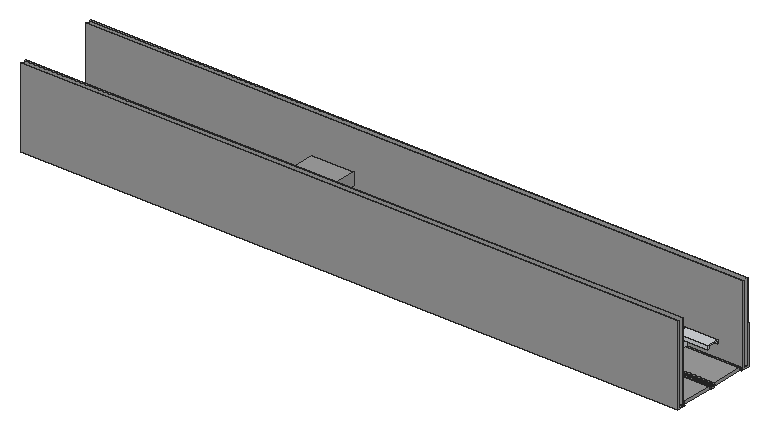
Revit family "Partition-6and1_Panels_High-Skyfold_Zenith_Premium-12-1_to_14-0_FC_3685_to_4265", category Generic Models, host Ceiling, Revit 2026 (continued)
Definition of nested family "2D Fold Panels"
  Automatic sketch dimensions
    curve 10 to curve 9 = 0' - 2 1/4"
    curve 9 to curve 19 = 0' - 0 7/8"
    curve 19 to curve 20 = 0' - 2 1/4"
    curve 18 to curve 25 = 0' - 0 1/8"
    curve 20 to curve 22 = 0' - 0 1/8"
    curve 25 to curve 26 = 0' - 2 1/4"
    curve 22 to curve 21 = 0' - 2 1/4"
    curve 26 to curve 27 = 0' - 0.87483"
    curve 21 to curve 23 = 0' - 0.87483"
    curve 23 to curve 24 = 0' - 2.25017"
    curve 27 to curve 28 = 0' - 2.25017"
  Nested families (in)
    nested 1: "2D Ext Panels" at (-15.49724, 0, 0), type "panels", in view "Ref. Level"
    nested 2: "2D Int Panels" at (12.06163, 0, 0), type "Panels", in view "Ref. Level"
    nested 3: "2D Ext Panels" at (10.37884, 0, 0) x (-1, 0, 0) z (0, 0, 1), type "panels", in view "Ref. Level"
    nested 4: "2D Int Panels" at (-17.18003, 0, 0) x (-1, 0, 0) z (0, 0, 1), type "Panels", in view "Ref. Level"
  Definition of nested family "2D Ext Panels"
    Parameters (values of type "panels")
      Assembly Code = ""
    Reference planes (in)
      plane 1 "Center (Front/Back)": y = 0
      plane 2: z = 0
      plane 3 "Center (Left/Right)": x = 0
    Lines and regions (in)
      model lines, in view "Ref. Level"
        curve 1: line (-3.15164, 2.25, 0) -> (-7.68509, 2.25, 0)
        curve 2: line (-8.31196, 0.25001, 0) -> (-8.31196, 0, 0)
        curve 3: line (-8.31196, 0, 0) -> (-3.15164, 0, 0)
        curve 4: line (-3.15164, 8.88321, 0) -> (-7.685, 8.88321, 0)
        curve 5: line (-8.68696, 11.13321, 0) -> (-3.15164, 11.13321, 0)
        curve 6: line (-3.15164, 6.50821, 0) -> (-8.31188, 6.50821, 0)
        curve 7: line (-7.685, 8.75821, 0) -> (-3.15164, 8.75821, 0)
        curve 8: line (-3.15164, 3.38321, 0) -> (-7.68509, 3.38321, 0)
        curve 9: line (-8.68696, 5.63321, 0) -> (-3.15164, 5.63321, 0)
      detail lines, in view "Ref. Level"
        curve 10: line (-8.31196, 0.25001, 0) -> (-8.7182, 0.25001, 0)
        curve 11: line (-8.7182, 0.25001, 0) -> (-8.7182, 0.28401, 0)
        curve 12: line (-8.7182, 0.28401, 0) -> (-7.81398, 0.28401, 0)
        curve 13: line (-7.81398, 0.28401, 0) -> (-7.81398, 0.75, 0)
        curve 14: line (-8.34196, 0.75, 0) -> (-8.34196, 1.59312, 0)
        curve 15: line (-8.34196, 1.59312, 0) -> (-7.68509, 2.25, 0)
        curve 16: line (-8.34196, 0.75, 0) -> (-7.81398, 0.75, 0)
        curve 17: line (-8.68696, 5.62447, 0) -> (-8.68696, 5.25822, 0)
        curve 18: line (-8.68696, 5.25822, 0) -> (-9.0932, 5.25822, 0)
        curve 19: line (-9.0932, 5.23322, 0) -> (-8.29775, 5.23322, 0)
        curve 20: line (-8.29775, 5.23322, 0) -> (-8.29775, 4.88321, 0)
        curve 21: line (-9.0932, 5.25822, 0) -> (-9.0932, 5.23322, 0)
        curve 22: line (-7.68072, 3.37884, 0) -> (-8.34196, 4.04008, 0)
        curve 23: line (-8.34196, 4.04008, 0) -> (-8.34196, 4.88321, 0)
        curve 24: line (-8.29775, 5.23322, 0) -> (-8.29775, 4.88321, 0)
        curve 25: line (-9.0932, 5.23322, 0) -> (-8.29775, 5.23322, 0)
        curve 26: line (-8.29775, 4.88321, 0) -> (-8.34196, 4.88321, 0)
        curve 27: line (-8.31188, 6.75822, 0) -> (-8.31188, 6.50821, 0)
        curve 28: line (-8.71812, 6.75822, 0) -> (-8.31188, 6.75822, 0)
        curve 29: line (-7.81389, 6.79222, 0) -> (-8.71812, 6.79222, 0)
        curve 30: line (-7.81389, 7.25821, 0) -> (-7.81389, 6.79222, 0)
        curve 31: line (-8.34188, 7.25821, 0) -> (-8.34188, 8.10133, 0)
        curve 32: line (-8.34188, 8.10133, 0) -> (-7.68937, 8.75384, 0)
        curve 33: line (-8.71812, 6.79222, 0) -> (-8.71812, 6.75822, 0)
        curve 34: line (-7.81389, 7.25821, 0) -> (-8.34188, 7.25821, 0)
        curve 35: line (-7.68509, 8.88321, 0) -> (-8.34196, 9.54008, 0)
        curve 36: line (-8.34196, 9.54008, 0) -> (-8.34196, 10.38321, 0)
        curve 37: line (-8.29775, 10.73322, 0) -> (-8.29775, 10.38321, 0)
        curve 38: line (-8.68696, 11.12447, 0) -> (-8.68696, 10.75822, 0)
        curve 39: line (-8.68696, 10.75822, 0) -> (-9.0932, 10.75822, 0)
        curve 40: line (-9.0932, 10.73322, 0) -> (-8.29775, 10.73322, 0)
        curve 41: line (-8.29775, 10.38321, 0) -> (-8.34196, 10.38321, 0)
        curve 42: line (-9.0932, 10.75822, 0) -> (-9.0932, 10.72661, 0)
        curve 43: line (-9.56166, 17.50803, 0) -> (-3.15164, 17.50803, 0)
        curve 44: line (-9.49933, 19.75821, 0) -> (-3.15164, 19.75821, 0)
        curve 45: line (-10.49, 17.79021, 0) -> (-10.49, 17.75821, 0)
        curve 46: line (-9.4595, 18.25819, 0) -> (-9.49933, 18.25819, 0)
        curve 47: line (-9.56166, 17.75821, 0) -> (-9.56166, 17.50803, 0)
        curve 48: line (-9.4595, 18.25819, 0) -> (-9.4595, 17.79021, 0)
        curve 49: line (-9.49933, 18.25819, 0) -> (-9.49933, 19.75821, 0)
        curve 50: line (-10.49, 17.75821, 0) -> (-9.56166, 17.75821, 0)
        curve 51: line (-9.4595, 17.79021, 0) -> (-10.49, 17.79021, 0)
        curve 52: line (-3.15164, 14.38321, 0) -> (-7.68509, 14.38321, 0)
        curve 53: line (-8.68696, 16.63321, 0) -> (-3.15164, 16.63321, 0)
        curve 54: line (-3.15164, 12.00821, 0) -> (-8.31188, 12.00821, 0)
        curve 55: line (-7.685, 14.25821, 0) -> (-3.15164, 14.25821, 0)
        curve 56: line (-8.31188, 12.25822, 0) -> (-8.31188, 12.00821, 0)
        curve 57: line (-8.71812, 12.25822, 0) -> (-8.31188, 12.25822, 0)
        curve 58: line (-7.81389, 12.29222, 0) -> (-8.71812, 12.29222, 0)
        curve 59: line (-7.81389, 12.75821, 0) -> (-7.81389, 12.29222, 0)
        curve 60: line (-8.34188, 12.75821, 0) -> (-8.34188, 13.60133, 0)
        curve 61: line (-8.34188, 13.60133, 0) -> (-7.68937, 14.25384, 0)
        curve 62: line (-8.71812, 12.29222, 0) -> (-8.71812, 12.25822, 0)
        curve 63: line (-7.81389, 12.75821, 0) -> (-8.34188, 12.75821, 0)
        curve 64: line (-7.68509, 14.38321, 0) -> (-8.34196, 15.04008, 0)
        curve 65: line (-8.34196, 15.04008, 0) -> (-8.34196, 15.88321, 0)
        curve 66: line (-8.29775, 16.23322, 0) -> (-8.29775, 15.88321, 0)
        curve 67: line (-8.68696, 16.62447, 0) -> (-8.68696, 16.25822, 0)
        curve 68: line (-8.68696, 16.25822, 0) -> (-9.0932, 16.25822, 0)
        curve 69: line (-9.0932, 16.23322, 0) -> (-8.29775, 16.23322, 0)
        curve 70: line (-8.29775, 15.88321, 0) -> (-8.34196, 15.88321, 0)
        curve 71: line (-9.0932, 16.25822, 0) -> (-9.0932, 16.22661, 0)
  Definition of nested family "2D Int Panels"
    Parameters (values of type "Panels")
      Assembly Code = ""
    Reference planes (in)
      plane 1 "Center (Front/Back)": y = 0
      plane 2: z = 0
      plane 3 "Center (Left/Right)": x = -12.78401
      plane 4: y = 6.48506
    Lines and regions (in)
      model lines, in view "Ref. Level"
        curve 1: arc (-16.31127, 0.06825, 0) -> (-16.00868, 0.15463, 0) -> (-15.87083, 0.4375, 0) r 0.38616
        curve 2: arc (-15.87083, 0.4375, 0) -> (-15.99302, 0.72219, 0) -> (-16.29015, 0.80987, 0) r 0.36427
        curve 3: line (-26.32421, 0, 0) -> (-17.87083, 0, 0)
        curve 4: line (-17.87083, 0, 0) -> (-17.87083, 0.28314, 0)
        curve 5: line (-17.87083, 0.28314, 0) -> (-16.31127, 0.06825, 0)
        curve 6: line (-16.29015, 0.80987, 0) -> (-17.26708, 0.66529, 0)
        curve 7: line (-17.26708, 0.66529, 0) -> (-17.87083, 0.62287, 0)
        curve 8: line (-17.87083, 0.62287, 0) -> (-17.87083, 0.75, 0)
        curve 9: line (-17.87083, 0.75, 0) -> (-17.55829, 0.75, 0)
        curve 10: line (-17.55829, 0.75, 0) -> (-17.55829, 2.25, 0)
        curve 11: line (-17.55829, 2.25, 0) -> (-26.32421, 2.25, 0)
        curve 12: line (-26.32421, 5.63321, 0) -> (-18.24583, 5.63321, 0)
        curve 13: line (-18.24583, 5.63321, 0) -> (-18.24583, 5.38321, 0)
        curve 14: line (-18.24583, 5.38321, 0) -> (-18.27783, 5.38321, 0)
        curve 15: line (-18.6207, 4.87447, 0) -> (-18.6207, 3.38321, 0)
        curve 16: line (-18.6207, 3.38321, 0) -> (-26.32421, 3.38321, 0)
        curve 17: line (-26.32421, 8.75821, 0) -> (-17.5582, 8.75821, 0)
        curve 18: line (-17.5582, 8.75821, 0) -> (-17.5582, 7.25821, 0)
        curve 19: line (-17.87053, 6.50821, 0) -> (-26.32421, 6.50821, 0)
        curve 20: line (-26.32421, 11.13321, 0) -> (-18.26146, 11.13321, 0)
        curve 21: line (-18.77774, 11.07456, 0) -> (-18.77774, 10.38321, 0)
        curve 22: line (-18.77774, 10.38321, 0) -> (-18.6207, 10.38321, 0)
        curve 23: line (-18.6207, 10.38321, 0) -> (-18.6207, 8.88321, 0)
        curve 24: line (-18.6207, 8.88321, 0) -> (-26.32421, 8.88321, 0)
      detail lines, in view "Ref. Level"
        curve 25: line (-18.27783, 5.58329, 0) -> (-18.27783, 5.38321, 0)
        curve 26: line (-18.77774, 5.58329, 0) -> (-18.27783, 5.58329, 0)
        curve 27: line (-18.77774, 4.88321, 0) -> (-18.77774, 5.58329, 0)
        curve 28: line (-18.77774, 4.88321, 0) -> (-18.6207, 4.88321, 0)
        curve 29: line (-17.87083, 0.25009, 0) -> (-17.87083, 0, 0)
        curve 30: line (-17.90283, 0.25009, 0) -> (-17.87083, 0.25009, 0)
        curve 31: line (-17.90283, 0.05, 0) -> (-17.90283, 0.25009, 0)
        curve 32: line (-18.40283, 0.05, 0) -> (-17.90283, 0.05, 0)
        curve 33: line (-18.40283, 0.75, 0) -> (-18.40283, 0.05, 0)
        curve 34: line (-18.40283, 0.75, 0) -> (-17.55829, 0.75, 0)
        curve 35: line (-17.87053, 6.50821, 0) -> (-17.87053, 6.75823, 0)
        curve 36: line (-17.87053, 6.75823, 0) -> (-17.07053, 6.75823, 0)
        curve 37: line (-17.07053, 6.75823, 0) -> (-17.07053, 6.79023, 0)
        curve 38: line (-17.07053, 6.79023, 0) -> (-18.10103, 6.79023, 0)
        curve 39: line (-18.10103, 6.79023, 0) -> (-18.10103, 7.25821, 0)
        curve 40: line (-18.10103, 7.25821, 0) -> (-17.5582, 7.25821, 0)
        curve 41: line (-18.24583, 10.88321, 0) -> (-18.24583, 11.10885, 0)
        curve 42: line (-18.27783, 10.88321, 0) -> (-18.24583, 10.88321, 0)
        curve 43: line (-18.27783, 11.05893, 0) -> (-18.27783, 10.88321, 0)
        curve 44: line (-18.77774, 11.08329, 0) -> (-18.29346, 11.08329, 0)
        curve 45: line (-20.65244, 18.25821, 0) -> (-17.4332, 18.25821, 0)
        curve 46: line (-20.65244, 18.25821, 0) -> (-17.4332, 18.25821, 0)
        curve 47: line (-20.15244, 17.75821, 0) -> (-20.12044, 17.75821, 0)
        curve 48: line (-20.12044, 17.50803, 0) -> (-20.12044, 17.75821, 0)
        curve 49: line (-20.15244, 17.75821, 0) -> (-20.15244, 17.55812, 0)
        curve 50: line (-20.65244, 17.55812, 0) -> (-20.65244, 18.25821, 0)
        curve 51: line (-17.4332, 19.19571, 0) -> (-17.4332, 18.25821, 0)
        curve 52: line (-18.23273, 19.19571, 0) -> (-17.4332, 19.19571, 0)
        curve 53: line (-18.86038, 19.75821, 0) -> (-18.23273, 19.19571, 0)
        curve 54: line (-26.32421, 17.50803, 0) -> (-20.12044, 17.50803, 0)
        curve 55: line (-26.32421, 19.75821, 0) -> (-18.86038, 19.75821, 0)
        curve 56: line (-26.32421, 14.25821, 0) -> (-17.5582, 14.25821, 0)
        curve 57: line (-17.5582, 14.25821, 0) -> (-17.5582, 12.75821, 0)
        curve 58: line (-17.87053, 12.00821, 0) -> (-26.32421, 12.00821, 0)
        curve 59: line (-26.32421, 16.63321, 0) -> (-18.26146, 16.63321, 0)
        curve 60: line (-18.77774, 16.57456, 0) -> (-18.77774, 15.88321, 0)
        curve 61: line (-18.77774, 15.88321, 0) -> (-18.6207, 15.88321, 0)
        curve 62: line (-18.6207, 15.88321, 0) -> (-18.6207, 14.38321, 0)
        curve 63: line (-18.6207, 14.38321, 0) -> (-26.32421, 14.38321, 0)
        curve 64: line (-17.87053, 12.00821, 0) -> (-17.87053, 12.25823, 0)
        curve 65: line (-17.87053, 12.25823, 0) -> (-17.07053, 12.25823, 0)
        curve 66: line (-17.07053, 12.25823, 0) -> (-17.07053, 12.29023, 0)
        curve 67: line (-17.07053, 12.29023, 0) -> (-18.10103, 12.29023, 0)
        curve 68: line (-18.10103, 12.29023, 0) -> (-18.10103, 12.75821, 0)
        curve 69: line (-18.10103, 12.75821, 0) -> (-17.5582, 12.75821, 0)
        curve 70: line (-18.24583, 16.38321, 0) -> (-18.24583, 16.60885, 0)
        curve 71: line (-18.27783, 16.38321, 0) -> (-18.24583, 16.38321, 0)
        curve 72: line (-18.27783, 16.55893, 0) -> (-18.27783, 16.38321, 0)
        curve 73: line (-18.77774, 16.58329, 0) -> (-18.29346, 16.58329, 0)
Definition of nested family "2D Unfold Panels"
  Parameters (values of type "Unfold panels")
    Wall thickness = 0' - 11 3/4"
    Total Panel Height = (Panel height * 6) + 0' 2 1/2"  # 11' - 5 11/16"
    Panel height = 1' - 10 17/32"
    Horizontal Panel Length = Panel height - 0' 1"  # 1' - 9 17/32"
    Height Distance Between  Panels = Panel height + 0' 0 1/2"  # 1' - 11 1/32"
    Assembly Code = ""
  Reference planes (in)
    plane 1: z = 0
    plane 2 "Center (Left/Right)": x = 0.69511
    plane 3: y = 69.8125
    plane 4: y = 46.78125
    plane 5: y = 23.75
    plane 6: y = -44.84375
    plane 7: y = 92.84375
    plane 8: x = -5.17989
    plane 9: x = 6.57011
    plane 10: y = 93.71875
    plane 11: x = 6.29128
    plane 12: x = -4.90072
    plane 13: x = 27.82253
    plane 14: x = -26.43197
    plane 15: y = 0.71875
    plane 16: y = -22.3125
  Lines and regions (in)
    detail lines, in view "Ref. Level"
      curve 1: line (-5.17989, 90.19109, 0) -> (-5.17989, 73.62694, 0)
      curve 2: line (-2.92978, 90.19109, 0) -> (-2.92978, 73.62694, 0)
      curve 3: line (-5.17989, 66.77739, 0) -> (-5.17989, 49.09569, 0)
      curve 4: line (-2.92978, 66.81169, 0) -> (-2.92978, 49.09569, 0)
      curve 5: line (4.31999, 49.09569, 0) -> (4.31999, 66.77739, 0)
      curve 6: line (6.57011, 66.77739, 0) -> (6.57011, 49.09569, 0)
      curve 7: line (-2.92978, 44.00911, 0) -> (-2.92978, 25.95598, 0)
      curve 8: line (-5.17989, 25.95598, 0) -> (-5.17989, 44.00911, 0)
      curve 9: line (-5.17989, -25.34761, 0) -> (-5.17989, -42.52931, 0)
      curve 10: line (-2.92978, -25.34761, 0) -> (-2.92978, -42.52931, 0)
      curve 11: line (6.57011, 90.19109, 0) -> (6.57011, 73.62694, 0)
      curve 12: line (4.31999, 90.19109, 0) -> (4.31999, 73.62694, 0)
      curve 13: line (6.57011, -25.34761, 0) -> (6.57011, -42.52931, 0)
      curve 14: line (4.31999, -25.34761, 0) -> (4.31999, -42.52931, 0)
      curve 15: line (4.31999, 44.00911, 0) -> (4.31999, 25.95598, 0)
      curve 16: line (6.57011, 25.95598, 0) -> (6.57011, 44.00911, 0)
      curve 17: line (9.63119, 93.71875, 0) -> (25.52019, 93.71875, 0)
      curve 18: line (9.63119, 95.96886, 0) -> (25.72494, 95.96886, 0)
      curve 19: line (-8.24097, 93.71875, 0) -> (-23.87374, 93.71875, 0)
      curve 20: line (-8.24097, 95.96886, 0) -> (-24.07849, 95.96886, 0)
      curve 21: line (-5.17989, 20.71489, 0) -> (-5.17989, 3.03319, 0)
      curve 22: line (-2.92978, 20.74919, 0) -> (-2.92978, 3.03319, 0)
      curve 23: line (4.31999, 3.03319, 0) -> (4.31999, 20.71489, 0)
      curve 24: line (6.57011, 20.71489, 0) -> (6.57011, 3.03319, 0)
      curve 25: line (-2.92978, -2.05339, 0) -> (-2.92978, -20.10652, 0)
      curve 26: line (-5.17989, -20.10652, 0) -> (-5.17989, -2.05339, 0)
      curve 27: line (4.31999, -2.05339, 0) -> (4.31999, -20.10652, 0)
      curve 28: line (6.57011, -20.10652, 0) -> (6.57011, -2.05339, 0)
  Dimensions and locks (in)
    "Wall thickness": plane 8 to plane 9
    equal spacing: plane 8, plane 2 "Center (Left/Right)", plane 9
    "Height Distance Between  Panels": plane 7 to plane 3
    "Height Distance Between  Panels": plane 4 to plane 3
    "Height Distance Between  Panels": plane 5 to plane 4
    plane 11 to plane 9 = 0' - 0.27882"
    plane 8 to plane 12 = 0' - 0.27918"
    "Horizontal Panel Length": plane 14 to plane 12
    "Horizontal Panel Length": plane 11 to plane 13
    "Height Distance Between  Panels": plane 15 to plane 5
    "Height Distance Between  Panels": plane 16 to plane 15
    "Panel height": plane 6 to plane 16
    "Total Panel Height": plane 7 to plane 6
    aligned and locked: plane 2 "Center (Left/Right)" to nested 1
    aligned and locked: plane 2 "Center (Left/Right)" to nested 2
    aligned and locked: plane 2 "Center (Left/Right)" to nested 3
    aligned and locked: plane 2 "Center (Left/Right)" to nested 4
    aligned: plane 4 to nested 3
    aligned: plane 5 to nested 2
    aligned: plane 6 to nested 5
    aligned: nested 2 to plane 5
    aligned: nested 3 to plane 4
    aligned and locked: nested 3 to plane 3
    aligned and locked: nested 5 to curve 10
    aligned and locked: nested 5 to curve 9
    aligned and locked: curve 8 to nested 2
    aligned and locked: curve 7 to nested 2
    aligned and locked: nested 3 to curve 4
    aligned and locked: curve 5 to curve 3
    aligned and locked: curve 1 to plane 8
    aligned and locked: plane 2 "Center (Left/Right)" to nested 5
    aligned and locked: curve 3 to plane 8
    aligned and locked: curve 4 to nested 3
    aligned and locked: curve 6 to plane 9
    aligned and locked: plane 7 to nested 4
    aligned and locked: plane 6 to nested 1
    aligned and locked: nested 2 to plane 4
    aligned and locked: plane 11 to nested 6
    aligned and locked: plane 10 to nested 6
    aligned and locked: nested 7 to plane 10
    aligned and locked: plane 13 to nested 7
    aligned and locked: curve 17 to nested 7
    aligned and locked: curve 18 to nested 7
    aligned and locked: plane 12 to nested 8
    aligned and locked: plane 14 to nested 9
    aligned and locked: plane 10 to nested 8
    aligned and locked: nested 8 to curve 19
    aligned and locked: curve 20 to nested 9
    aligned and locked: curve 26 to nested 10
    aligned and locked: curve 25 to nested 10
    aligned and locked: nested 11 to curve 22
    aligned and locked: curve 23 to curve 21
    aligned and locked: curve 22 to nested 11
    aligned and locked: nested 5 to plane 16
    aligned and locked: plane 15 to nested 10
    aligned and locked: plane 5 to nested 11
  Automatic sketch dimensions
    curve 21 to plane 8 = 0' - 0"
    curve 13 to plane 9 = 0' - 0"
    curve 28 to plane 9 = 0' - 0"
    curve 6 to plane 9 = 0' - 0"
    curve 16 to plane 9 = 0' - 0"
    curve 24 to plane 9 = 0' - 0"
    curve 11 to plane 9 = 0' - 0"
    curve 19 to plane 8 = 0' - 3.06108"
    curve 20 to curve 19 = 0' - 0"
    plane 14 to curve 19 = 0' - 2.55823"
    curve 20 to curve 19 = 0' - 0.20475"
    plane 12 to curve 2 = 0' - 1.97094"
    curve 15 to plane 11 = 0' - 1.97129"
    curve 23 to plane 11 = 0' - 1.97129"
    curve 14 to plane 11 = 0' - 1.97129"
    curve 12 to plane 11 = 0' - 1.97129"
    curve 5 to plane 11 = 0' - 1.97129"
    curve 27 to plane 11 = 0' - 1.97129"
    plane 9 to curve 18 = 0' - 3.06108"
    curve 17 to curve 18 = 0' - 0"
    curve 17 to plane 13 = 0' - 2.30235"
    curve 18 to plane 13 = 0' - 2.0976"
    curve 21 to curve 22 = 0' - 0.0343"
    curve 23 to curve 24 = 0' - 0"  (x2)
    curve 23 to plane 15 = 0' - 2.31444"
    curve 22 to plane 15 = 0' - 2.31444"
    curve 21 to curve 22 = 0' - 0"
    plane 15 to curve 25 = 0' - 2.77214"
    plane 15 to curve 28 = 0' - 2.77214"
    curve 26 to curve 25 = 0' - 0"
    curve 27 to curve 28 = 0' - 0"
    curve 25 to plane 16 = 0' - 2.20598"
    curve 27 to plane 16 = 0' - 2.20598"
    curve 28 to plane 16 = 0' - 2.20598"
    curve 26 to plane 16 = 0' - 2.20598"
    plane 16 to curve 9 = 0' - 3.03511"
    plane 16 to curve 14 = 0' - 3.03511"
    curve 9 to curve 10 = 0' - 0"  (x2)
    curve 14 to curve 13 = 0' - 0"  (x2)
    curve 14 to plane 6 = 0' - 2.31444"
    curve 10 to plane 6 = 0' - 2.31444"
    curve 16 to plane 5 = 0' - 2.20598"
    curve 7 to plane 5 = 0' - 2.20598"
    curve 15 to plane 5 = 0' - 2.20598"
    curve 8 to plane 5 = 0' - 2.20598"
    plane 4 to curve 7 = 0' - 2.77214"
    curve 8 to curve 7 = 0' - 0"
    plane 4 to curve 15 = 0' - 2.77214"
    curve 15 to curve 16 = 0' - 0"
    curve 6 to plane 4 = 0' - 2.31444"
    curve 5 to curve 6 = 0' - 0"  (x2)
    curve 4 to plane 4 = 0' - 2.31444"
    curve 3 to curve 4 = 0' - 0"
    plane 3 to curve 6 = 0' - 3.03511"
    curve 1 to plane 3 = 0' - 3.81444"
    curve 1 to curve 2 = 0' - 0"  (x2)
    curve 11 to plane 3 = 0' - 3.81444"
    curve 12 to curve 11 = 0' - 0"  (x2)
    curve 12 to plane 7 = 0' - 2.65266"
    curve 2 to plane 7 = 0' - 2.65266"
  Nested families (in)
    nested 1: "vert fin bas" at (0.87658, -40.56893, 0), type "vert fin bas", in view "Ref. Level"
    nested 2: "vert levres" at (0.81369, 43.5916, 0), type "vert levres", in view "Ref. Level"
      with Wall thickness 0' - 11 3/4"
    nested 3: "vert biseau" at (-2.10712, 66.81169, 0), type "vert biseau", in view "Ref. Level"
    nested 4: "vert fin haut" at (1.9037, 88.56893, 0), type "vert fin haut", in view "Ref. Level"
    nested 5: "vert biseau" at (-2.10712, -25.31331, 0), type "vert biseau", in view "Ref. Level"
    nested 6: "Horizontal panel Start" at (6.47276, 93.71875, 0), type "Horizontal panel Start", in view "Ref. Level"
    nested 7: "Horizontal panel End" at (28.00401, 93.71875, 0), type "Horizontal panel End", in view "Ref. Level"
    nested 8: "Horizontal panel Start" at (-5.08219, 93.71875, 0) x (-1, 0, 0) z (0, 0, 1), type "Horizontal panel Start", in view "Ref. Level"
    nested 9: "Horizontal panel End" at (-26.61344, 93.71875, 0) x (-1, 0, 0) z (0, 0, 1), type "Horizontal panel End", in view "Ref. Level"
    nested 10: "vert levres" at (0.81369, -2.4709, 0), type "vert levres", in view "Ref. Level"
      with Wall thickness 0' - 11 3/4"
    nested 11: "vert biseau" at (-2.10712, 20.74919, 0), type "vert biseau", in view "Ref. Level"
  Definition of nested family "vert fin bas"
    Parameters
      Wall thickness = 0' - 11 3/4"
      Assembly Code = ""
    Reference planes (in)
      plane 1 "Center (Front/Back)": y = 0
      plane 2: z = 0
      plane 3 "Center (Left/Right)": x = -0.18147
      plane 4: x = -6.05647
      plane 5: x = 5.69353
    Lines and regions (in)
      model lines, in view "Ref. Level"
        curve 1: arc (-6.04661, -5.84526, 0) -> (-5.61693, -6.27494, 0) -> (-5.18725, -5.84526, 0) r 0.42968
        curve 2: line (-6.05647, 0.00284, 0) -> (-6.05647, -4.27482, 0)
        curve 3: line (-6.05647, -4.27482, 0) -> (-5.80646, -4.27482, 0)
        curve 4: line (-5.80646, -4.27482, 0) -> (-6.04661, -5.84526, 0)
        curve 5: line (-5.18725, -5.84526, 0) -> (-5.4363, -4.24357, 0)
        curve 6: line (-5.4363, -4.24357, 0) -> (-4.82716, -4.24357, 0)
        curve 7: line (-4.82716, -4.24357, 0) -> (-3.80636, -3.22277, 0)
        curve 8: line (-3.80636, -3.22277, 0) -> (-3.80636, 0.00284, 0)
        curve 9: arc (0.31854, -6.01609, 0) -> (0.67056, -5.87118, 0) -> (0.81855, -5.52045, 0) r 0.50003
        curve 10: arc (0.81855, -5.52045, 0) -> (0.80449, -5.43168, 0) -> (0.75606, -5.35598, 0) r 0.21963
        curve 11: arc (-1.11903, -5.35598, 0) -> (-1.16746, -5.43168, 0) -> (-1.18152, -5.52045, 0) r 0.21963
        curve 12: arc (-1.18152, -5.52045, 0) -> (-1.03353, -5.87118, 0) -> (-0.68151, -6.01609, 0) r 0.50003
        curve 13: arc (-0.4315, -4.98096, 0) -> (-0.3431, -4.94435, 0) -> (-0.30649, -4.85595, 0) r 0.12501
        curve 14: arc (-0.05648, -4.85595, 0) -> (-0.01987, -4.94435, 0) -> (0.06853, -4.98096, 0) r 0.12501
        curve 15: arc (-1.18153, -4.85595, 0) -> (-1.26993, -4.89257, 0) -> (-1.30654, -4.98096, 0) r 0.12501
        curve 16: arc (-1.30654, -5.51606, 0) -> (-1.12347, -5.95803, 0) -> (-0.68151, -6.14109, 0) r 0.62503
        curve 17: arc (0.31854, -6.14109, 0) -> (0.7605, -5.95803, 0) -> (0.94357, -5.51606, 0) r 0.62503
        curve 18: arc (0.94357, -4.98096, 0) -> (0.90696, -4.89257, 0) -> (0.81857, -4.85595, 0) r 0.12501
        curve 19: line (-0.68151, -6.01609, 0) -> (0.31854, -6.01609, 0)
        curve 20: line (0.75606, -5.35598, 0) -> (-1.11903, -5.35598, 0)
        curve 21: line (0.06853, -4.98096, 0) -> (0.81857, -4.98096, 0)
        curve 22: line (0.81857, -4.98096, 0) -> (0.81857, -5.23097, 0)
        curve 23: line (0.81857, -5.23097, 0) -> (-1.18153, -5.23097, 0)
        curve 24: line (-1.18153, -5.23097, 0) -> (-1.18153, -4.98096, 0)
        curve 25: line (-1.18153, -4.98096, 0) -> (-0.4315, -4.98096, 0)
        curve 26: line (-0.30649, -4.85595, 0) -> (-0.30649, -3.23087, 0)
        curve 27: line (-0.30649, -3.23087, 0) -> (-0.05648, -3.23087, 0)
        curve 28: line (-0.05648, -3.23087, 0) -> (-0.05648, -4.85595, 0)
        curve 29: line (-0.93152, -4.98096, 0) -> (-0.93152, -4.85595, 0)
        curve 30: line (-0.93152, -4.85595, 0) -> (-1.18153, -4.85595, 0)
        curve 31: line (-1.30654, -4.98096, 0) -> (-1.30654, -5.51606, 0)
        curve 32: line (-0.68151, -6.14109, 0) -> (0.31854, -6.14109, 0)
        curve 33: line (0.94357, -5.51606, 0) -> (0.94357, -4.98096, 0)
        curve 34: line (0.81857, -4.85595, 0) -> (0.56855, -4.85595, 0)
        curve 35: line (0.56855, -4.85595, 0) -> (0.56855, -4.98096, 0)
      detail lines, in view "Ref. Level"
        curve 36: arc (5.68367, -5.84526, 0) -> (5.25399, -6.27494, 0) -> (4.8243, -5.84526, 0) r 0.42968
        curve 37: line (5.69353, 0.00284, 0) -> (5.69353, -4.27482, 0)
        curve 38: line (5.69353, -4.27482, 0) -> (5.44351, -4.27482, 0)
        curve 39: line (5.44351, -4.27482, 0) -> (5.68367, -5.84526, 0)
        curve 40: line (4.8243, -5.84526, 0) -> (5.07336, -4.24357, 0)
        curve 41: line (5.07336, -4.24357, 0) -> (4.46422, -4.24357, 0)
        curve 42: line (4.46422, -4.24357, 0) -> (3.44341, -3.22277, 0)
        curve 43: line (3.44341, -3.22277, 0) -> (3.44341, 0.00284, 0)
    Dimensions and locks (in)
      equal spacing: plane 4, plane 3 "Center (Left/Right)", plane 5
      "Wall thickness": plane 4 to plane 5
    Automatic sketch dimensions
      curve 9 to curve 17 = 0' - 0"  (x2)
      curve 12 to curve 16 = 0' - 0"  (x2)
      curve 2 to plane 4 = 0' - 0"
      curve 37 to plane 5 = 0' - 0"
      plane 4 to curve 4 = 0' - 0.00986"
      curve 2 to curve 4 = 0' - 0 1/4"
      curve 1 to curve 1 = 0' - 0 55/128"
      curve 3 to curve 5 = 0' - 0.37016"
      curve 5 to curve 6 = 0' - 0.60914"
      curve 6 to curve 8 = 0' - 1.0208"
      curve 31 to plane 3 "Center (Left/Right)" = 0' - 1.12507"
      curve 15 to curve 24 = 0' - 0 1/8"
      curve 15 to curve 24 = 0' - 0"  (x2)
      curve 31 to curve 11 = 0' - 0.12503"
      curve 23 to curve 20 = 0' - 0 1/16"
      curve 20 to curve 11 = 0' - 0.15689"
      curve 24 to curve 29 = 0' - 0 1/4"
      curve 12 to plane 3 "Center (Left/Right)" = 0' - 0.50004"
      curve 13 to plane 3 "Center (Left/Right)" = 0' - 0.25002"
      curve 26 to plane 3 "Center (Left/Right)" = 0' - 0 1/8"
      plane 3 "Center (Left/Right)" to curve 28 = 0' - 0 1/8"
      curve 14 to curve 21 = 0' - 0 1/8"
      plane 3 "Center (Left/Right)" to curve 32 = 0' - 0 1/2"
      curve 14 to curve 34 = 0' - 0.50002"
      curve 9 to curve 10 = 0' - 0.28063"
      curve 10 to curve 20 = 0' - 0.15689"
      curve 20 to curve 10 = 0' - 0 1/16"
      curve 35 to curve 21 = 0' - 0 1/4"
      curve 18 to curve 21 = 0' - 0"
      curve 9 to curve 17 = 0' - 0.12503"
      curve 43 to plane 5 = 0' - 2.25011"
      curve 42 to plane 5 = 0' - 1.22931"
      curve 40 to plane 5 = 0' - 0.86922"
      curve 41 to curve 40 = 0' - 0.60914"
      curve 36 to curve 36 = 0' - 0 55/128"
      curve 38 to plane 5 = 0' - 0 1/4"
      plane 1 "Center (Front/Back)" to curve 32 = 0' - 6.14109"
      curve 16 to curve 19 = 0' - 0 1/8"
      curve 36 to curve 33 = 0' - 0.3292"
      curve 5 to curve 16 = 0' - 0.3292"
      curve 11 to curve 11 = 0' - 0.01076"
      curve 10 to curve 23 = 0' - 0 1/8"
      curve 22 to curve 33 = 0' - 0 1/4"
      curve 12 to curve 25 = 0' - 0.5351"
      curve 14 to curve 13 = 0' - 0 1/8"
      curve 1 to curve 3 = 0' - 1.57044"
      curve 36 to curve 39 = 0' - 1.57044"
      curve 38 to curve 42 = 0' - 0 1/32"
      curve 3 to curve 7 = 0' - 0 1/32"
      curve 13 to curve 26 = 0' - 1.62508"
      curve 41 to curve 42 = 0' - 1.0208"
      curve 6 to curve 7 = 0' - 1.0208"
      curve 8 to plane 1 "Center (Front/Back)" = 0' - 0.00284"
      curve 37 to plane 1 "Center (Front/Back)" = 0' - 0.00284"
      curve 2 to plane 1 "Center (Front/Back)" = 0' - 0.00284"
      curve 43 to plane 1 "Center (Front/Back)" = 0' - 0.00284"
  Definition of nested family "vert levres"
    Parameters
      Wall thickness = 1' - 0.49535"
      Assembly Code = ""
    Reference planes (in)
      plane 1 "Center (Front/Back)": y = 0
      plane 2: z = 0
      plane 3 "Center (Left/Right)": x = -0.11858
      plane 4: x = -6.36626
      plane 5: x = 6.12909
    Lines and regions (in)
      model lines, in view "Ref. Level"
        curve 1: line (-6.11624, 3.18965, 0) -> (-6.11624, 2.67162, 0)
        curve 2: line (-6.11624, 2.67162, 0) -> (-6.11624, 3.18965, 0)
        curve 3: line (-6.11624, 3.18965, 0) -> (-6.36626, 3.18965, 0)
        curve 4: line (-6.36626, 3.18965, 0) -> (-6.36626, -0.10051, 0)
        curve 5: line (-6.36626, 6.75409, 0) -> (-6.36626, 3.68967, 0)
        curve 6: line (-6.36626, 3.68967, 0) -> (-4.11614, 3.68967, 0)
        curve 7: line (-4.11614, 3.68967, 0) -> (-4.11614, 6.75409, 0)
        curve 8: line (-4.11614, -0.10051, 0) -> (-4.11614, 2.67162, 0)
        curve 9: line (-4.11614, 2.67162, 0) -> (-6.11624, 2.67162, 0)
      detail lines, in view "Ref. Level"
        curve 10: line (5.87908, 3.18965, 0) -> (5.87908, 2.67162, 0)
        curve 11: line (5.87908, 2.67162, 0) -> (5.87908, 3.18965, 0)
        curve 12: line (5.87908, 3.18965, 0) -> (6.12909, 3.18965, 0)
        curve 13: line (6.12909, 3.18965, 0) -> (6.12909, -0.10051, 0)
        curve 14: line (6.12909, 6.75409, 0) -> (6.12909, 3.68967, 0)
        curve 15: line (6.12909, 3.68967, 0) -> (3.87898, 3.68967, 0)
        curve 16: line (3.87898, 3.68967, 0) -> (3.87898, 6.75409, 0)
        curve 17: line (3.87898, -0.10051, 0) -> (3.87898, 2.67162, 0)
        curve 18: line (3.87898, 2.67162, 0) -> (5.87908, 2.67162, 0)
    Dimensions and locks (in)
      equal spacing: plane 4, plane 3 "Center (Left/Right)", plane 5
      "Wall thickness": plane 4 to plane 5
    Automatic sketch dimensions
      curve 5 to plane 4 = 0' - 0"
      curve 4 to plane 4 = 0' - 0"
      curve 14 to plane 5 = 0' - 0"
      curve 13 to plane 5 = 0' - 0"
      plane 4 to curve 2 = 0' - 0 1/4"
      plane 4 to curve 7 = 0' - 2.25011"
      plane 1 "Center (Front/Back)" to curve 8 = 0' - 0.10051"
      curve 4 to curve 8 = 0' - 2.25011"
      curve 18 to plane 5 = 0' - 2.25011"
      curve 16 to curve 17 = 0' - 0"
      curve 11 to curve 12 = 0' - 0 1/4"
      plane 1 "Center (Front/Back)" to curve 4 = 0' - 0.10051"
      plane 1 "Center (Front/Back)" to curve 13 = 0' - 0.10051"
      plane 1 "Center (Front/Back)" to curve 17 = 0' - 0.10051"
      curve 9 to plane 1 "Center (Front/Back)" = 0' - 2.67162"
      curve 10 to plane 1 "Center (Front/Back)" = 0' - 2.67162"
      curve 1 to curve 4 = 0' - 0.51803"
      curve 10 to curve 10 = 0' - 0.51803"
      curve 8 to curve 7 = 0' - 1.01805"
      curve 12 to curve 14 = 0' - 0.50002"
      curve 14 to curve 14 = 0' - 3.06441"
      curve 5 to curve 5 = 0' - 3.06441"
      curve 5 to curve 7 = 0' - 0"
      curve 16 to curve 14 = 0' - 0"
  Definition of nested family "vert biseau"
    Parameters (values of type "vert biseau")
      Wall thickness = 0' - 11 3/4"
      Assembly Code = ""
    Reference planes (in)
      plane 1 "Center (Front/Back)": y = 0
      plane 2: z = 0
      plane 3 "Center (Left/Right)": x = 2.80223
      plane 4: x = -3.07277
      plane 5: x = 8.67723
    Lines and regions (in)
      model lines, in view "Ref. Level"
        curve 1: line (-0.82266, -0.0343, 0) -> (-0.82266, 2.19877, 0)
        curve 2: line (-0.82266, 2.19877, 0) -> (-1.6247, 3.00081, 0)
        curve 3: line (-1.6247, 3.00081, 0) -> (-3.07277, 3.00081, 0)
        curve 4: line (-3.07277, 3.00081, 0) -> (-3.07277, -0.0343, 0)
      detail lines, in view "Ref. Level"
        curve 5: line (6.42711, -0.0343, 0) -> (6.42711, 2.19877, 0)
        curve 6: line (6.42711, 2.19877, 0) -> (7.22915, 3.00081, 0)
        curve 7: line (7.22915, 3.00081, 0) -> (8.67723, 3.00081, 0)
        curve 8: line (8.67723, 3.00081, 0) -> (8.67723, -0.0343, 0)
        curve 9: line (8.67723, 7.20679, 0) -> (8.67723, 3.50083, 0)
        curve 10: line (7.08354, 3.84583, 0) -> (6.42711, 4.50226, 0)
        curve 11: line (6.42711, 4.50226, 0) -> (6.42711, 7.20679, 0)
        curve 12: line (7.92736, 3.84583, 0) -> (7.08354, 3.84583, 0)
        curve 13: line (8.62738, 4.03275, 0) -> (7.92736, 4.03275, 0)
        curve 14: line (8.62738, 3.53283, 0) -> (8.62738, 4.03275, 0)
        curve 15: line (8.42729, 3.53283, 0) -> (8.62738, 3.53283, 0)
        curve 16: line (8.67723, 3.50083, 0) -> (8.42729, 3.50083, 0)
        curve 17: line (8.42729, 3.50083, 0) -> (8.42729, 3.53283, 0)
        curve 18: line (8.67723, 3.50083, 0) -> (8.67723, 7.20679, 0)
        curve 19: line (7.92736, 3.84583, 0) -> (7.92736, 4.03275, 0)
        curve 20: line (-3.07277, 7.20679, 0) -> (-3.07277, 3.50083, 0)
        curve 21: line (-1.47909, 3.84583, 0) -> (-0.82266, 4.50226, 0)
        curve 22: line (-0.82266, 4.50226, 0) -> (-0.82266, 7.20679, 0)
        curve 23: line (-2.32291, 3.84583, 0) -> (-1.47909, 3.84583, 0)
        curve 24: line (-3.02293, 4.03275, 0) -> (-2.32291, 4.03275, 0)
        curve 25: line (-3.02293, 3.53283, 0) -> (-3.02293, 4.03275, 0)
        curve 26: line (-2.82284, 3.53283, 0) -> (-3.02293, 3.53283, 0)
        curve 27: line (-3.07277, 3.50083, 0) -> (-2.82284, 3.50083, 0)
        curve 28: line (-2.82284, 3.50083, 0) -> (-2.82284, 3.53283, 0)
        curve 29: line (-3.07277, 3.50083, 0) -> (-3.07277, 7.20679, 0)
        curve 30: line (-2.32291, 3.84583, 0) -> (-2.32291, 4.03275, 0)
    Dimensions and locks (in)
      equal spacing: plane 4, plane 3 "Center (Left/Right)", plane 5
      "Wall thickness": plane 4 to plane 5
    Automatic sketch dimensions
      curve 27 to plane 4 = 0' - 0"
      curve 3 to plane 4 = 0' - 0"
      curve 7 to plane 5 = 0' - 0"
      curve 9 to plane 5 = 0' - 0"
      plane 4 to curve 25 = 0' - 0.04985"
      curve 25 to curve 28 = 0' - 0.20009"
      curve 26 to curve 23 = 0' - 0.49993"
      curve 23 to curve 3 = 0' - 0.6982"
      curve 23 to curve 21 = 0' - 0.84382"
      curve 21 to curve 21 = 0' - 0.65643"  (x2)
      curve 2 to curve 1 = 0' - 0.80204"
      curve 11 to plane 5 = 0' - 2.25011"
      curve 6 to plane 5 = 0' - 2.25011"
      curve 10 to curve 12 = 0' - 0.65643"
      curve 10 to curve 6 = 0' - 0.14561"
      curve 19 to plane 5 = 0' - 0.74987"
      curve 16 to curve 9 = 0' - 0.24994"
      curve 14 to plane 5 = 0' - 0.04985"
      curve 6 to plane 1 "Center (Front/Back)" = 0' - 2.19877"
      curve 1 to plane 1 "Center (Front/Back)" = 0' - 2.19877"
      curve 1 to curve 3 = 0' - 0.80204"
      curve 5 to curve 6 = 0' - 0.80204"
      curve 3 to curve 29 = 0' - 0.50003"
      curve 7 to curve 9 = 0' - 0.50003"
      curve 9 to curve 14 = 0' - 0.032"
      curve 27 to curve 26 = 0' - 0.032"
      curve 15 to curve 12 = 0' - 0.313"
      curve 26 to curve 30 = 0' - 0.313"
      curve 23 to curve 30 = 0' - 0.18691"
      curve 14 to curve 13 = 0' - 0.49991"
      curve 10 to curve 11 = 0' - 0.65643"
      curve 13 to curve 9 = 0' - 3.17404"
      plane 1 "Center (Front/Back)" to curve 8 = 0' - 0.0343"
      plane 1 "Center (Front/Back)" to curve 4 = 0' - 0.0343"
      plane 1 "Center (Front/Back)" to curve 5 = 0' - 0.0343"
      plane 1 "Center (Front/Back)" to curve 1 = 0' - 0.0343"
      curve 11 to curve 9 = 0' - 0"
      curve 24 to curve 20 = 0' - 3.17404"
      curve 29 to curve 20 = 0' - 0"
      curve 20 to curve 22 = 0' - 0"
  Definition of nested family "vert fin haut"
    Parameters (values of type "vert fin haut")
      Wall thickness = 0' - 11 3/4"
      Assembly Code = ""
    Reference planes (in)
      plane 1 "Center (Front/Back)": y = 0
      plane 2: z = 0
      plane 3 "Center (Left/Right)": x = -1.20859
      plane 4: x = -7.08359
      plane 5: x = 4.66641
    Lines and regions (in)
      detail lines, in view "Ref. Level"
        curve 1: line (-7.08359, -0.00284, 0) -> (-7.08359, 4.27482, 0)
        curve 2: line (4.66641, -0.00284, 0) -> (4.66641, 4.27482, 0)
        curve 3: line (4.66641, 4.27482, 0) -> (4.4164, 4.27482, 0)
        curve 4: line (2.41647, 0, 0) -> (2.41647, 3.89999, 0)
        curve 5: line (2.41647, 3.89999, 0) -> (3.91654, 3.89999, 0)
        curve 6: line (3.91654, 3.89999, 0) -> (3.91654, 3.74293, 0)
        curve 7: line (3.91654, 3.74293, 0) -> (4.64843, 3.74293, 0)
        curve 8: line (4.64843, 3.74293, 0) -> (4.64843, 4.24286, 0)
        curve 9: line (4.64843, 4.24286, 0) -> (4.44835, 4.24286, 0)
        curve 10: line (4.44835, 4.24286, 0) -> (4.44835, 4.27482, 0)
        curve 11: line (-7.08359, 4.27482, 0) -> (-6.83358, 4.27482, 0)
        curve 12: line (-4.83366, 0, 0) -> (-4.83366, 3.89999, 0)
        curve 13: line (-4.83366, 3.89999, 0) -> (-6.33372, 3.89999, 0)
        curve 14: line (-6.33372, 3.89999, 0) -> (-6.33372, 3.74293, 0)
        curve 15: line (-6.33372, 3.74293, 0) -> (-7.06561, 3.74293, 0)
        curve 16: line (-7.06561, 3.74293, 0) -> (-7.06561, 4.24286, 0)
        curve 17: line (-7.06561, 4.24286, 0) -> (-6.86553, 4.24286, 0)
        curve 18: line (-6.86553, 4.24286, 0) -> (-6.86553, 4.27482, 0)
    Dimensions and locks (in)
      equal spacing: plane 4, plane 3 "Center (Left/Right)", plane 5
      "Wall thickness": plane 4 to plane 5
      aligned and locked: plane 5 to curve 2
    Automatic sketch dimensions
      curve 1 to plane 4 = 0' - 0"
      plane 1 "Center (Front/Back)" to curve 12 = 0' - 0"
      plane 1 "Center (Front/Back)" to curve 4 = 0' - 0"
      plane 4 to curve 15 = 0' - 0.01798"
      curve 16 to curve 18 = 0' - 0.20009"
      curve 17 to curve 14 = 0' - 0.5318"
      curve 13 to curve 12 = 0' - 1.50007"
      plane 5 to curve 5 = 0' - 2.24994"
      plane 5 to curve 6 = 0' - 0.74987"
      plane 5 to curve 9 = 0' - 0.21806"
      plane 5 to curve 8 = 0' - 0.01798"
      curve 16 to plane 1 "Center (Front/Back)" = 0' - 3.74293"
      curve 8 to plane 1 "Center (Front/Back)" = 0' - 3.74293"
      curve 6 to curve 5 = 0' - 0.15707"
      curve 14 to curve 14 = 0' - 0.15707"
      curve 15 to curve 17 = 0' - 0.49994"
      curve 7 to curve 10 = 0' - 0.49994"
      curve 16 to curve 11 = 0' - 0.03196"
      curve 8 to curve 3 = 0' - 0.03196"
      curve 18 to curve 11 = 0' - 0.03195"
      curve 3 to curve 10 = 0' - 0.03195"
      plane 1 "Center (Front/Back)" to curve 1 = 0' - 0.00284"
      plane 1 "Center (Front/Back)" to curve 2 = 0' - 0.00284"
  Definition of nested family "Horizontal panel Start"
    Parameters (values of type "Horizontal panel Start")
      Wall thickness = 0' - 11 3/4"
      Assembly Code = ""
    Reference planes (in)
      plane 1 "Center (Front/Back)": y = 0
      plane 2: z = 0
      plane 3 "Center (Left/Right)": x = -0.18147
    Lines and regions (in)
      detail lines, in view "Ref. Level"
        curve 1: line (4.09619, 0, 0) -> (-0.18147, 0, 0)
        curve 2: line (-1.44177, 2.25011, 0) -> (4.09619, 2.25011, 0)
        curve 3: line (-1.44177, 2.25011, 0) -> (-2.063, 1.68767, 0)
        curve 4: line (-2.063, 1.68767, 0) -> (-2.86897, 1.68767, 0)
        curve 5: line (-2.86897, 1.68767, 0) -> (-2.86897, 0.75017, 0)
        curve 6: line (0.35053, 0.75017, 0) -> (0.35053, 0.05009, 0)
        curve 7: line (0.35053, 0.05009, 0) -> (-0.14947, 0.05009, 0)
        curve 8: line (-0.14947, 0.05009, 0) -> (-0.14947, 0.25017, 0)
        curve 9: line (-0.14947, 0.25017, 0) -> (-0.18147, 0.25017, 0)
        curve 10: line (-0.18147, 0.25017, 0) -> (-0.18147, 0, 0)
        curve 11: line (-2.86897, 0.75017, 0) -> (0.35053, 0.75017, 0)
  Definition of nested family "Horizontal panel End"
    Parameters (values of type "Horizontal panel End")
      Wall thickness = 0' - 11 3/4"
      Assembly Code = ""
    Reference planes (in)
      plane 1 "Center (Front/Back)": y = 0
      plane 2: z = 0
      plane 3 "Center (Left/Right)": x = -0.18147
    Lines and regions (in)
      model lines, in view "Ref. Level"
        curve 1: line (-4.45914, 0, 0) -> (-0.18147, 0, 0)
        curve 2: line (-0.18147, 0, 0) -> (-0.18147, 0.25001, 0)
        curve 3: line (-0.24397, 0.75017, 0) -> (-0.24397, 2.25011, 0)
        curve 4: line (-0.24397, 2.25011, 0) -> (-4.45914, 2.25011, 0)
      detail lines, in view "Ref. Level"
        curve 5: line (0.81853, 0.28217, 0) -> (-0.33697, 0.28217, 0)
        curve 6: line (0.81853, 0.25017, 0) -> (0.81853, 0.28217, 0)
        curve 7: line (-0.18147, 0.25017, 0) -> (0.81853, 0.25017, 0)
        curve 8: line (-0.33697, 0.28217, 0) -> (-0.33697, 0.75009, 0)
        curve 9: line (-0.33697, 0.75009, 0) -> (-0.24397, 0.75009, 0)
Definition of nested family "Suspended Ceiling Component"
  Parameters
    Assembly Code = ""
  Reference planes (in)
    plane 1 "Centre (avant/arrière)": y = 0
    plane 2: z = 0
    plane 3 "Centre (gauche/droite)": x = 0
Definition of nested family "construction as per ASTM E557 Component"
  Parameters
    Assembly Code = ""
  Reference planes (in)
    plane 1 "Centre (avant/arrière)": y = 0
    plane 2: z = 0
    plane 3 "Centre (gauche/droite)": x = 0
Definition of nested family "Disclaimer Component"
  Parameters (values of type "Disclaimer Component")
    Assembly Code = ""
  Reference planes (in)
    plane 1 "Centre (avant/arrière)": y = 0
    plane 2: z = 0
    plane 3 "Centre (gauche/droite)": x = 0
Definition of nested family "Acoustic barrier note"
  Parameters (values of type "Acoustic barrier note")
    Assembly Code = ""
  Reference planes (in)
    plane 1 "Centre (avant/arrière)": y = 0
    plane 2: z = 0
    plane 3 "Centre (gauche/droite)": x = 0
